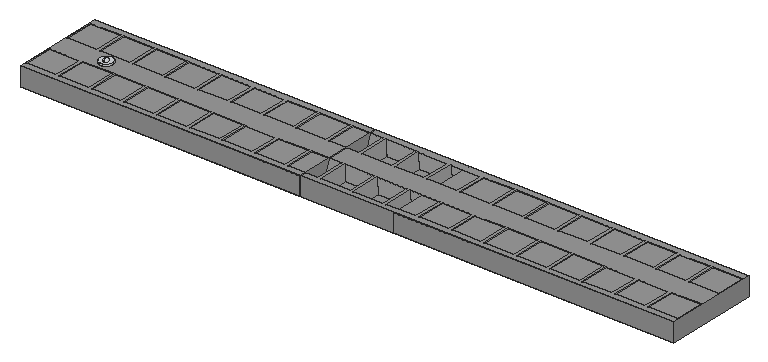
Revit family "2023781", category Lighting Fixtures, host Face, Revit 2018 (continued)
Automatic sketch dimensions
  Blend 64 sketch curve to plane 6 = 23.5 mm
  Blend 65 sketch curve to plane 12 = 0 mm
  Blend 65 sketch curve to plane 49 = 0 mm
  Blend 65 sketch curve to plane 51 = 0.009 mm
  Blend 65 sketch curve to plane 6 = 13 mm
  plane 49 to Blend 65 sketch curve = 10.5 mm
  Blend 65 sketch curve to plane 51 = 10.509 mm
  plane 12 to Blend 65 sketch curve = 10.5 mm
  Blend 65 sketch curve to plane 6 = 23.5 mm
  Extrusion 66 sketch curve to plane 59 = 0 mm
  Extrusion 66 sketch curve to plane 58 = 0 mm
  plane 12 to Extrusion 66 sketch curve = 10.5 mm
  Extrusion 66 sketch curve to plane 6 = 23.5 mm
  plane 50 to Extrusion 67 sketch curve = 10.5 mm
  Extrusion 67 sketch curve to plane 14 = 10.5 mm
  plane 12 to Extrusion 67 sketch curve = 10.5 mm
  Extrusion 67 sketch curve to plane 6 = 23.5 mm
  plane 15 to Extrusion 68 sketch curve = 10.5 mm
  Extrusion 68 sketch curve to plane 16 = 10.5 mm
  plane 12 to Extrusion 68 sketch curve = 10.5 mm
  Extrusion 68 sketch curve to plane 6 = 23.5 mm
  plane 17 to Extrusion 69 sketch curve = 10.5 mm
  Extrusion 69 sketch curve to plane 18 = 10.5 mm
  plane 12 to Extrusion 69 sketch curve = 10.5 mm
  Extrusion 69 sketch curve to plane 6 = 23.5 mm
  plane 19 to Extrusion 70 sketch curve = 10.5 mm
  Extrusion 70 sketch curve to plane 20 = 10.5 mm
  plane 12 to Extrusion 70 sketch curve = 10.5 mm
  Extrusion 70 sketch curve to plane 6 = 23.5 mm
  plane 21 to Extrusion 71 sketch curve = 10.5 mm
  Extrusion 71 sketch curve to plane 22 = 10.5 mm
  plane 12 to Extrusion 71 sketch curve = 10.5 mm
  Extrusion 71 sketch curve to plane 6 = 23.5 mm
  plane 23 to Extrusion 72 sketch curve = 10.5 mm
  Extrusion 72 sketch curve to plane 24 = 10.5 mm
  plane 12 to Extrusion 72 sketch curve = 10.5 mm
  Extrusion 72 sketch curve to plane 6 = 23.5 mm
  plane 31 to Extrusion 73 sketch curve = 10.5 mm
  Extrusion 73 sketch curve to plane 32 = 10.5 mm
  plane 12 to Extrusion 73 sketch curve = 10.5 mm
  Extrusion 73 sketch curve to plane 6 = 23.5 mm
  plane 33 to Extrusion 74 sketch curve = 10.5 mm
  Extrusion 74 sketch curve to plane 34 = 10.5 mm
  plane 12 to Extrusion 74 sketch curve = 10.5 mm
  Extrusion 74 sketch curve to plane 6 = 23.5 mm
  plane 35 to Extrusion 75 sketch curve = 10.5 mm
  Extrusion 75 sketch curve to plane 36 = 10.5 mm
  plane 12 to Extrusion 75 sketch curve = 10.5 mm
  Extrusion 75 sketch curve to plane 6 = 23.5 mm
  plane 37 to Extrusion 76 sketch curve = 10.5 mm
  Extrusion 76 sketch curve to plane 38 = 10.5 mm
  plane 12 to Extrusion 76 sketch curve = 10.5 mm
  Extrusion 76 sketch curve to plane 6 = 23.5 mm
  plane 39 to Extrusion 77 sketch curve = 10.5 mm
  Extrusion 77 sketch curve to plane 40 = 10.5 mm
  plane 12 to Extrusion 77 sketch curve = 10.5 mm
  Extrusion 77 sketch curve to plane 6 = 23.5 mm
  plane 41 to Extrusion 78 sketch curve = 10.5 mm
  Extrusion 78 sketch curve to plane 42 = 10.5 mm
  plane 12 to Extrusion 78 sketch curve = 10.5 mm
  Extrusion 78 sketch curve to plane 6 = 23.5 mm
  plane 43 to Extrusion 79 sketch curve = 10.5 mm
  Extrusion 79 sketch curve to plane 44 = 10.5 mm
  plane 12 to Extrusion 79 sketch curve = 10.5 mm
  Extrusion 79 sketch curve to plane 6 = 23.5 mm
  plane 45 to Extrusion 80 sketch curve = 10.5 mm
  Extrusion 80 sketch curve to plane 46 = 10.5 mm
  plane 12 to Extrusion 80 sketch curve = 10.5 mm
  Extrusion 80 sketch curve to plane 6 = 23.5 mm
  plane 47 to Extrusion 81 sketch curve = 10.5 mm
  Extrusion 81 sketch curve to plane 48 = 10.5 mm
  plane 12 to Extrusion 81 sketch curve = 10.5 mm
  Extrusion 81 sketch curve to plane 6 = 23.5 mm
  plane 49 to Extrusion 82 sketch curve = 10.5 mm
  Extrusion 82 sketch curve to plane 51 = 10.509 mm
  plane 12 to Extrusion 82 sketch curve = 10.5 mm
  Extrusion 82 sketch curve to plane 6 = 23.5 mm
  plane 25 to Extrusion 83 sketch curve = 10.5 mm
  Extrusion 83 sketch curve to plane 26 = 10.5 mm
  plane 12 to Extrusion 83 sketch curve = 10.5 mm
  Extrusion 83 sketch curve to plane 6 = 23.5 mm
  plane 27 to Extrusion 84 sketch curve = 10.5 mm
  Extrusion 84 sketch curve to plane 28 = 10.5 mm
  plane 12 to Extrusion 84 sketch curve = 10.5 mm
  Extrusion 84 sketch curve to plane 6 = 23.5 mm
  plane 29 to Extrusion 85 sketch curve = 10.5 mm
  Extrusion 85 sketch curve to plane 30 = 10.5 mm
  plane 12 to Extrusion 85 sketch curve = 10.5 mm
  Extrusion 85 sketch curve to plane 6 = 23.5 mm
  Extrusion 86 sketch curve to plane 4 = 0 mm
  Extrusion 86 sketch curve to plane 5 = 0 mm
  Extrusion 86 sketch curve to plane 7 = 0 mm
  Extrusion 86 sketch curve to plane 6 = 0 mm
  plane 1 "Center (Front/Back)" to Extrusion 87 sketch curve = 0 mm
  Extrusion 87 sketch curve to plane 60 = 0 mm
  Revolve 88 sketch curve to plane 61 = 0 mm
  Revolve 88 sketch curve to plane 1 "Center (Front/Back)" = 0 mm  (x2)
  plane 62 to Revolve 88 sketch curve = 0.005 mm
  plane 1 "Center (Front/Back)" to Revolve 88 sketch curve = 0.025 mm
  plane 8 to Revolve 88 sketch curve = 3.005 mm
  Revolve 88 sketch curve to plane 8 = 0.612 mm
  plane 62 to Revolve 88 sketch curve = 0.198 mm
  radius of Extrusion 87 sketch curve = 14 mm
Connectors
  electrical at (0, 0, 0), driven by "Apparent Load", driven by "PowerFactor", driven by "Voltage"
    settings: index 1, voltage 0 V, apparent load 42 VA, apparent load phase1 0 VA, apparent load phase2 0 VA, apparent load phase3 0 VA, power factor 0, load classification "Lighting", number of poles 1, system type 30, power factor state 1, is connector primary yes, connector utility no, sub classification motor no, connector description ""
